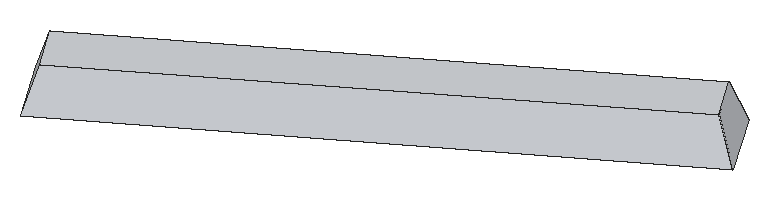
Revit family "Parking Stall_Angled", category Parking, Revit 2025
Family settings
  Work Plane-Based = Yes
  Always vertical = No
  Cut with Voids When Loaded = No
  Shared = No
Parameters (values of type "Standard")
  W = 9' - 0"
  Type Comments = "Standard"
  L = 23' - 0"
  EA_Repath [instance] = 0' - 0"
  Default Elevation = 4' - 0"
Reference planes (in)
  plane 1 "Back": y = 0
  plane 2: z = 0
  plane 3 "Left": x = 0
  plane 4: x = 108
  plane 5: y = 276
  plane 6: x = 54
Lines and regions (in)
  model lines, style "Heavy"
    curve 1: line (0, 0, 0) -> (0, 276, 0)
    curve 3: line (108, 338.35383, 0) -> (108, 62.35383, 0)
  model lines, style "Light"
    curve 2: line (108, 62.35383, 0) -> (0, 0, 0)
Dimensions and locks (in)
  "L": plane 5 to plane 1 "Back"
  "W": plane 3 "Left" to plane 4
  equal spacing: plane 3 "Left", plane 6, plane 4
  "L": curve 3 to curve 3
  locked: plane 1 "Back" to curve 2 (angle 30.00°)
  aligned and locked: level to plane 2
  aligned and locked: plane 3 "Left" to curve 1
  aligned and locked: curve 3 to plane 4
Automatic sketch dimensions
  plane 1 "Back" to curve 2 = 0' - 0"
  curve 1 to plane 5 = 0' - 0"
Nested families (in)
  nested 1: "stoper" at (54, 49.17691, 0) x (0.866, 0.5, 0) z (0, 0, 1), type "stoper"
Definition of nested family "stoper"
  Parameters (values of type "stoper")
    w = 1' - 0"  # constant formula
    l = 7' - 0"  # constant formula
    delta = 0' - 2"  # constant formula
  Reference planes (in)
    plane 1 "Center (Front/Back)": y = 0
    plane 2: z = 0
    plane 3 "Center (Left/Right)": x = 0
  Forms (in)
    Blend 1, solid
      base sketch origin (0, 0, 0) x (1, 0, 0) y (0, 1, 0)
        loop
          line (-42, 6) -> (-42, -6) -> (42, -6) -> (42, 6) -> (-42, 6)
      top sketch origin (0, 0, 0) x (1, 0, 0) y (0, 1, 0)
        loop
          line (-40, 4) -> (-40, -4) -> (40, -4) -> (40, 4) -> (-40, 4)
      from 0 to 6
  Dimensions and locks (in)
    equal spacing: Blend 1 sketch curve, plane 3 "Center (Left/Right)", Blend 1 sketch curve
    "l": Blend 1 sketch curve to Blend 1 sketch curve
    equal spacing: Blend 1 sketch curve, plane 1 "Center (Front/Back)", Blend 1 sketch curve
    "w": Blend 1 sketch curve to Blend 1 sketch curve
    "delta": Blend 1 sketch curve to var sketch  (x3)
    "delta": var sketch to Blend 1 sketch curve
    aligned and locked: level to plane 2
